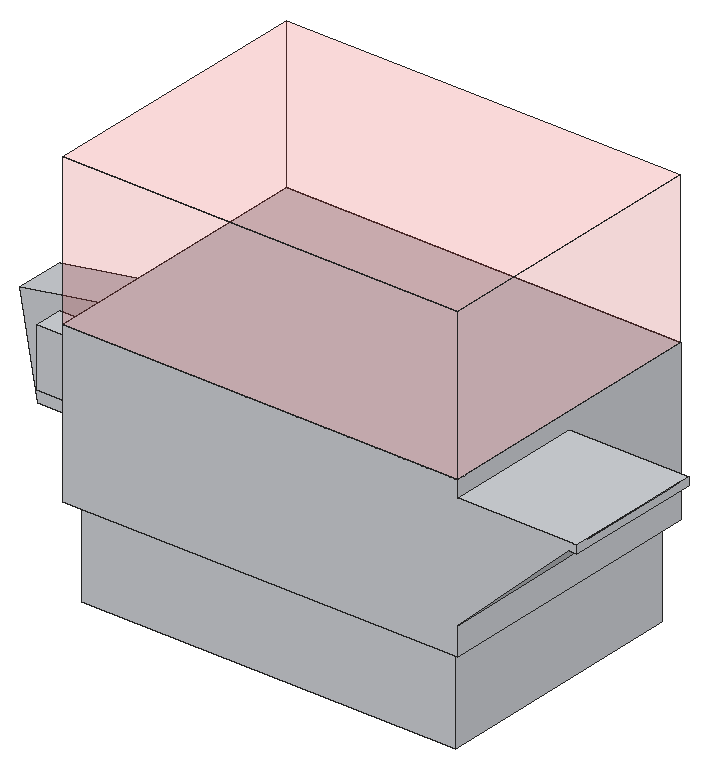
Revit family "ev450rtv_2_13_23", category Mechanical Equipment, Revit 2019
Family settings
  Round Connector Dimension = Use Diameter
  Part Type = Normal
  OmniClass Number = 23.75.00.00
  OmniClass Title = Climate Control (HVAC)
  Work Plane-Based = No
  Always vertical = Yes
  Cut with Voids When Loaded = No
  Shared = No
  Room Calculation Point = No
Parameters (values of type "208 V Three Phase")
  Weight Scheduled [instance] = 185  # constant formula
  Voltage Workaround = Voltage / 1 V  # 208
  Voltage Scheduled = Voltage  # 208 V
  Voltage = 208 V
  VoltAmps Workaround [instance] = Voltage Workaround * Total FLA * sqrt(Phase)  # 612.4532
  VoltAmps [instance] = VoltAmps Workaround * 1 VA  # 612.453 VA
  URL = "http://www.renewaire.com/_assets/files/SubmittalForms/EV450RTSubmittal.pdf"
  Total FLA [instance] = Supply Motor FLA  # 1.7
  Supply Motor RPM Scheduled [instance] = 0
  Supply Motor HP Scheduled [instance] = Supply Motor HP  # 0.5
  Supply Motor HP [instance] = if(or(Phase = 1, Phase = 2), 0.6, if(Phase = 3, 0.5, 0))  # 0.5
  Supply Motor FLA [instance] = if(and(Voltage = 115 V, Phase = 1), 7, if(and(or(Voltage = 208 V, Voltage = 230 V), Phase = 1), 3.5, if(and(Voltage = 277 V, Phase = 1), 2.4, if(and(or(Voltage = 208 V, Voltage = 230 V), Phase = 3), 1.7, if(and(Voltage = 460 V, Phase = 3), 0.8, 0)))))  # 1.7
  Supply Motor Count Scheduled [instance] = Supply Motor Count  # 1
  Supply Motor Count [instance] = 1  # constant formula
  Supply Motor BHP [instance] = if(Supply CFM < 241 CFM, if(Phase = 1, 0.569, if(Phase = 3, 0.325, 0)), if(Supply CFM < 339 CFM, if(Phase = 1, 0.635, if(Phase = 3, 0.419, 0)), if(Supply CFM < 381 CFM, if(Phase = 1, 0.664, if(Phase = 3, 0.462, 0)), if(Supply CFM < 451 CFM, if(Phase = 1, 0.715, if(Phase = 3, 0.552, 0)), if(Supply CFM < 501 CFM, if(Phase = 1, 0.754, if(Phase = 3, 0.617, 0)), if(Supply CFM < 551 CFM, if(Phase = 1, 0.794, if(Phase = 3, 0.691, 0)), if(Supply CFM < 601 CFM, if(Phase = 1, 0.834, if(Phase = 3, 0.766, 0)), 0)))))))  # 0.325
  Supply ESP Scheduled [instance] = Supply ESP  # 1
  Supply ESP [instance] = if(Supply CFM < 241 CFM, 1, if(Supply CFM < 339 CFM, 0.85, if(Supply CFM < 381 CFM, 0.75, if(Supply CFM < 451 CFM, 0.5, if(Supply CFM < 501 CFM, 0.25, if(Supply CFM < 551 CFM, 0, if(Supply CFM < 601 CFM, -0.25, 0)))))))  # 1
  Supply CFM Scheduled [instance] = Supply CFM  # 0 CFM
  Supply CFM [instance] = 0 CFM
  Supply Air Winter RH Scheduled [instance] = 0
  Supply Air Winter DB Scheduled [instance] = 0
  Supply Air Summer RH Scheduled [instance] = 0
  Supply Air Summer DB Scheduled [instance] = 0
  Phase Scheduled = Phase  # 3
  Phase = 3
  Outside Air Winter RH Scheduled [instance] = 0
  Outside Air Winter DB Scheduled [instance] = 0
  Outside Air Summer RH Scheduled [instance] = 0
  Outside Air Summer DB Scheduled [instance] = 0
  Number of Poles = 3
  Model = "EV450RTV"
  Manufacturer = "RenewAire"
  MOCP Scheduled [instance] = 0
  MCA Scheduled [instance] = 0
  FLA Scheduled [instance] = Total FLA  # 1.7
  Exhaust RH Scheduled [instance] = 0
  Exhaust Motor RPM Scheduled [instance] = 0
  Exhaust Motor HP Scheduled [instance] = 0
  Exhaust Motor Count Scheduled [instance] = 0
  Exhaust ESP Scheduled [instance] = Exhaust ESP  # 1
  Exhaust ESP [instance] = Supply ESP  # 1
  Exhaust DB Scheduled [instance] = 0
  Exhaust CFM Scheduled [instance] = Exhaust CFM  # 0 CFM
  Exhaust CFM [instance] = 0 CFM
  Enthalpy Effect Winter Scheduled [instance] = if(Supply CFM < 241 CFM, 75, if(Supply CFM < 339 CFM, 71, if(Supply CFM < 381 CFM, 69, if(Supply CFM < 451 CFM, 66, if(Supply CFM < 501 CFM, 64, if(Supply CFM < 551 CFM, 62, if(Supply CFM < 601 CFM, 60, 0)))))))  # 75
  Enthalpy Effect Summer Scheduled [instance] = if(Supply CFM < 241 CFM, 66, if(Supply CFM < 339 CFM, 61, if(Supply CFM < 381 CFM, 59, if(Supply CFM < 451 CFM, 56, if(Supply CFM < 501 CFM, 54, if(Supply CFM < 551 CFM, 52, if(Supply CFM < 601 CFM, 50, 0)))))))  # 66
Types (8): name | Voltage Workaround | Voltage Scheduled | Voltage | VoltAmps Workaround | VoltAmps | Total FLA | Supply Motor HP Scheduled | Supply Motor HP | Supply Motor FLA | Supply Motor BHP | Phase Scheduled | Phase | Number of Poles | FLA Scheduled
  (no name) | 208 | 208 V | 208 V | 612.4532 | 612.453 VA | 1.7 | 0.5 | 0.5 | 1.7 | 0.325 | 3 | 3 | 3 | 1.7
  208 V Single Phase | 208 | 208 V | 208 V | 728 | 728 VA | 3.5 | 0.6 | 0.6 | 3.5 | 0.569 | 1 | 1 | 2 | 3.5
  230 V Single Phase | 230 | 230 V | 230 V | 805 | 805 VA | 3.5 | 0.6 | 0.6 | 3.5 | 0.569 | 1 | 1 | 2 | 3.5
  115 V Single Phase | 115 | 115 V | 115 V | 805 | 805 VA | 7 | 0.6 | 0.6 | 7 | 0.569 | 1 | 1 | 1 | 7
  277 V Single Phase | 277 | 277 V | 277 V | 664.8 | 664.8 VA | 2.4 | 0.6 | 0.6 | 2.4 | 0.569 | 1 | 1 | 1 | 2.4
  208 V Three Phase | 208 | 208 V | 208 V | 612.4532 | 612.453 VA | 1.7 | 0.5 | 0.5 | 1.7 | 0.325 | 3 | 3 | 3 | 1.7
  230 V Three Phase | 230 | 230 V | 230 V | 677.2319 | 677.232 VA | 1.7 | 0.5 | 0.5 | 1.7 | 0.325 | 3 | 3 | 3 | 1.7
  460 V Three Phase | 460 | 460 V | 460 V | 637.3947 | 637.395 VA | 0.8 | 0.5 | 0.5 | 0.8 | 0.325 | 3 | 3 | 3 | 0.8
Reference planes (in)
  plane 1 "Center (Front/Back)": y = 0
  plane 2: z = 0
  plane 3 "Center (Left/Right)": x = 0
Forms (in)
  Extrusion 1, solid
    sketch origin (0, 0, 0) x (1, 0, 0) y (0, 1, 0)
      loop
        line (-23.9375, 16.9375) -> (-23.9375, -16.9375) -> (23.9375, -16.9375) -> (23.9375, 16.9375) -> (-23.9375, 16.9375)
    from 11 to 30.25
  Extrusion 2, solid
    sketch origin (-53.92418, 1.4739, 0) x (1, 0, 0) y (0, 1, 0)
      loop
        line (31.23668, 14.1511) -> (31.23668, -17.0989) -> (76.61168, -17.0989) -> (76.61168, 14.1511) -> (31.23668, 14.1511)
    from 0 to 11
  Extrusion 3, solid
    sketch origin (0, 0, -3) x (1, 0, 0) y (0, 0, 1)
      loop
        line (23.9375, 31.25) -> (23.9375, 17.36927) -> (37.4375, 30.25) -> (38.4375, 30.25) -> (38.4375, 31.25) -> (23.9375, 31.25)
    from 0 to 16.9375
  Extrusion 4, solid
    sketch origin (0, 0, -3) x (1, 0, 0) y (0, 0, 1)
      loop
        line (-34.21804, 17.25) -> (-23.9375, 17.25) -> (-23.9375, 31.31031) -> (-36.3125, 29.12826) -> (-34.21804, 17.25)
    from 2 to 8
  Extrusion 5, solid
    sketch origin (-4.49885, 47.70678, 0) x (1, 0, 0) y (0, 1, 0)
      loop
        line (-19.43865, -30.76928) -> (-19.43865, -64.64428) -> (28.43635, -64.64428) -> (28.43635, -30.76928) -> (-19.43865, -30.76928)
    from 30.25 to 48.5
  Extrusion 6, solid
    sketch origin (0, 0, 30.25) x (1, 0, 0) y (0, 1, 0)
      loop
        line (-23.9375, -14.37485) -> (-23.9375, -10.87485) -> (-29.1875, -10.87485) -> (-29.1875, -14.37485) -> (-23.9375, -14.37485)
    from -10 to -3
  Extrusion 7, solid
    sketch origin (0.35122, -4.6437, -26.5) x (1, 0, 0) y (0, 1, 0)
      loop
        line (-14.41372, 13.5812) -> (-14.41372, 7.3312) -> (-8.91372, 7.3312) -> (-8.91372, 13.5812) -> (-14.41372, 13.5812)
    from 26.5 to 37.5
  Extrusion 8, solid
    sketch origin (0, 0, -19.25) x (1, 0, 0) y (0, 1, 0)
      loop
        line (20.8125, 2) -> (20.8125, 13.75) -> (7.8125, 13.75) -> (19.5625, 2) -> (20.8125, 2)
    from 19.25 to 30.25
Cuts and joins
  joined: Extrusion 1, Extrusion 2, Extrusion 3, Extrusion 4
Lines and regions (in)
  Split face 1
    outline origin (-56.72214, 4.10467, 0) x (1, 0, 0) y (0, 1, 0)
      loop
        line (35.90964, 9.64533) -> (35.90964, -2.85467) -> (48.40964, -2.85467) -> (48.40964, 9.64533) -> (35.90964, 9.64533)
  Split face 2
    outline origin (-50.27583, 6.80997, 0) x (1, 0, 0) y (0, 1, 0)
      loop
        line (58.58833, 6.94003) -> (58.58833, -5.55997) -> (71.08833, -5.55997) -> (71.08833, 6.94003) -> (58.58833, 6.94003)
Connectors (in)
  electrical at (0, 0, 30.25), driven by "VoltAmps", driven by "Voltage", driven by "Number of Poles"
    settings: on cut or joined group of Extrusion 1, Extrusion 2, Extrusion 3, Extrusion 4, index 3, voltage 208 V, apparent load 612.453 VA, apparent load phase1 0 VA, apparent load phase2 0 VA, apparent load phase3 0 VA, power factor 1, load classification "HVAC", number of poles 3, system type 30, power factor state 1, is connector primary yes, connector utility no, sub classification motor no, connector description ""
